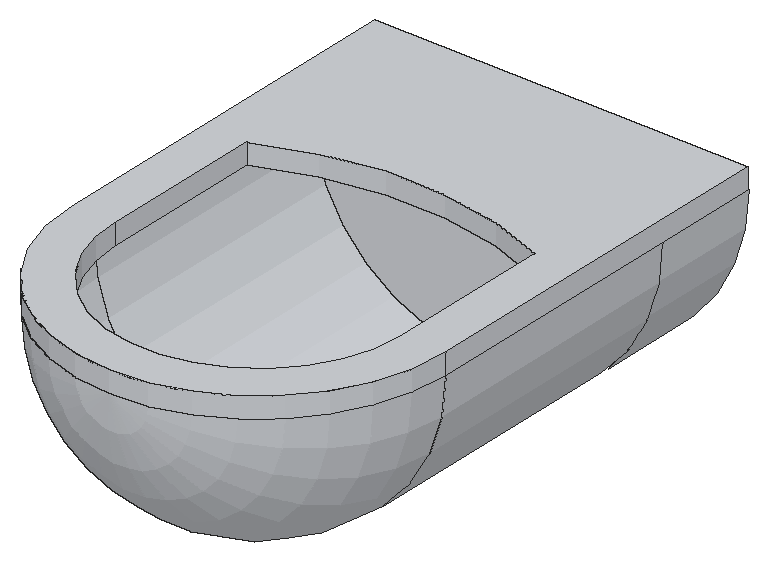
Revit family
Parameters (values of type "530 x 350mm")
  Material = none
  Manufacturer = "Revit"
  Assembly Code = ""
Reference planes
  plane 1 "Center (Front/Back)": y = 0
  plane 2: z = 0
  plane 3 "Center (Left/Right)": x = 0
  plane 4: y = -244.9
Forms (mm)
  Extrusion 1, solid, material <- "Material"
    sketch origin (0, 0, 307.334) x (1, 0, 0) y (0, 1, 0)
      loop
        line (-175, 0) -> (-175, -355)
        arc (-175, -355) -> (0, -530) -> (175, -355) r 175
        line (175, -355) -> (175, 0) -> (-175, 0)
      loop
        arc (135, -200) -> (0, -170.177) -> (-135, -200) r 320.46
        line (-135, -200) -> (-135, -355)
        arc (-135, -355) -> (0, -490) -> (135, -355) r 135
        line (135, -355) -> (135, -200)
    from -20 to 0
  Blend 2, solid, material <- "Material"
    base sketch origin (0, -124.9, 287.334) x (0, 0, -1) y (-1, 0, 0)
      loop
        line (0, 175) -> (0, -175)
        arc (0, -175) -> (175, 0) -> (0, 175) r 175
    top sketch origin (0, -124.9, 287.334) x (0, 0, -1) y (-1, 0, 0)
      loop
        line (0, 174.95) -> (0, -175.05)
        arc (0, -175.05) -> (175, -0.05) -> (0, 174.95) r 175
    from 24.9 to 124.9
  Revolve 3, solid, material <- "Material"
    sketch origin (0, 0, 287.334) x (1, 0, 0) y (0, 1, 0)
      loop
        line (-175, -100) -> (-175, -355)
        arc (-175, -355) -> (-123.744, -478.744) -> (0, -530) r 175
        line (0, -530) -> (0, -510)
        arc (0, -510) -> (-109.602, -464.602) -> (-155, -355) r 155
        line (-155, -355) -> (-155, -100) -> (-175, -100)
      axis (0, -530) -> (0, -100)
    angle from 0 to 180
Lines and regions (mm)
  symbolic lines
    curve 1: line (175.05, 0, 0) -> (-174.95, 0, 0)
    curve 2: line (-174.95, 0, 0) -> (-174.95, -355, 0)
    curve 3: arc (-174.95, -355, 0) -> (0.05, -530, 0) -> (175.05, -355, 0) r 175
    curve 4: line (175.05, -355, 0) -> (175.05, 0, 0)
    curve 9: arc (135.05, -200, 0) -> (0.05, -170.177, 0) -> (-134.95, -200, 0) r 320.46
    curve 10: line (-134.95, -200, 0) -> (-134.95, -355, 0)
    curve 11: arc (-134.95, -355, 0) -> (0.05, -490, 0) -> (135.05, -355, 0) r 135
    curve 12: line (135.05, -355, 0) -> (135.05, -200, 0)
  symbolic lines, detail levels medium+fine
    curve 5: arc (-94.95, -125, 0) -> (-84.95, -135, 0) -> (-74.95, -125, 0) r 10
    curve 6: arc (-74.95, -125, 0) -> (-84.95, -115, 0) -> (-94.95, -125, 0) r 10
    curve 7: arc (75.05, -125, 0) -> (85.05, -135, 0) -> (95.05, -125, 0) r 10
    curve 8: arc (95.05, -125, 0) -> (85.05, -115, 0) -> (75.05, -125, 0) r 10
    curve 13: arc (45.05, -254.425, 0) -> (0.05, -239.703, 0) -> (-44.95, -254.425, 0) r 76.135
    curve 14: line (-44.95, -254.425, 0) -> (-44.95, -295.177, 0)
    curve 15: arc (-44.95, -295.177, 0) -> (0.05, -340.177, 0) -> (45.05, -295.177, 0) r 45
    curve 16: line (45.05, -295.177, 0) -> (45.05, -254.425, 0)
